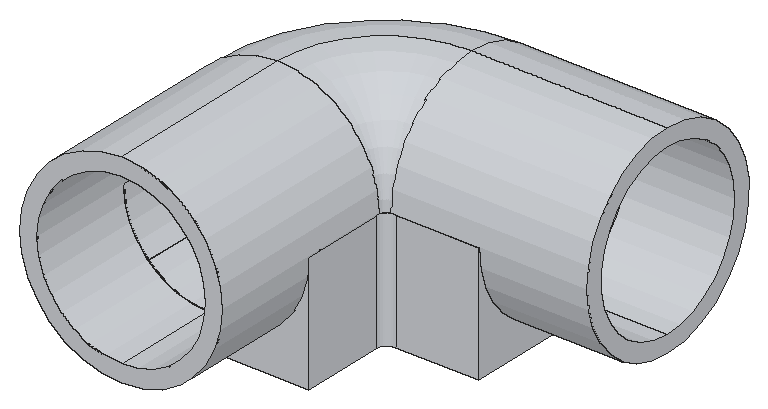
Revit family "IE2B", category Generic Models, Revit 2017
Family settings
  Can host rebar = No
  Round Connector Dimension = Use Diameter
  Part Type = Normal
  Work Plane-Based = Yes
  Always vertical = No
  Cut with Voids When Loaded = No
  Shared = No
  Room Calculation Point = No
Parameters (values of type "NBS Standard Parameters")
  Weight = "0.1945Kg"
  WarrantyStartDate [instance] = "1900-12-31T23:59:59"
  WarrantyGuarantorParts = "n/a"
  WarrantyGuarantorLabor = "n/a"
  WarrantyDurationUnit = "1 year"
  WarrantyDurationParts = "n/a"
  WarrantyDurationLabor = "n/a"
  WarrantyDescription = "n/a"
  Version = "1"
  Uniclass2 = "Pr_65_70_11_20"
  TagNumber [instance] = "n/a"
  SustainabilityPerformance = "n/a"
  Size = "25mm"
  Shape = "n/a"
  SerialNumber [instance] = "n/a"
  Revision = "n/a"
  ReplacementCost = "n/a"
  ProductInformation = "www.metpro.co.uk/pdf/ie2g.pdf"
  NominalWidth = 60 mm
  NominalLength = 60 mm
  NominalHeight = 32 mm
  Name = ""
  NBSTypeID = ""
  NBSReference = "90-55-10/460"
  NBSOfficeMasterTag = ""
  NBSNote = ""
  NBSDescription = "Conduit Fittings"
  NBSCertification = ""
  ModelReference = "IE2B"
  ModelNumber = "n/a"
  Material = "Malleable Iron"
  ManufacturerURL = "www.metpro.co.uk"
  ManufacturerName = "Metpro Ltd"
  Keynote = "Compliant to LU Standard 1-085"
  InstallationDate [instance] = "1900-12-31T23:59:59"
  IfcExportType = ""
  IfcExportAs = ""
  Grade = "n/a"
  Finish = "Black"
  Features = "n/a"
  ExpectedLife = "n/a"
  DurationUnit = "year"
  Description = "IE2B  25mm Conduit Inspection Elbow"
  Default Elevation = 1219.2 mm
  Constituents = "n/a"
  Color = "n/a"
  CodePerformance = "n/a"
  Category = "n/a"
  BarCode [instance] = "n/a"
  BIMObjectName = "Metpro_Metprolibrary_Conduitfittings_Metalcomppnents_Steelaccessories"
  Author = "Metpro Ltd"
  AssetType = ""
  AssetIdentifier [instance] = "n/a"
  AccessibilityPerformance = "n/a"
Reference planes
  plane 1 "Center (Front/Back)": y = 0
  plane 2: z = 0
  plane 3 "Center (Left/Right)": x = 0
Forms (mm)
  Sweep 1, solid
    path origin (-62.284, 233.575, 57.694) x (0, -1, 0) y (1, 0, 0)
      loop
        line (10.728, 17.245) -> (10.728, -11.755)
        arc (10.728, -11.755) -> (15.414, -23.069) -> (26.728, -27.755) r 16
        line (26.728, -27.755) -> (55.728, -27.755)
    profile origin (-59.539, 222.848, 57.694) x (0, -1, 0) y (0, 0, 1)
      loop
        circle (0, 0) r 12.5
      loop
        circle (0, 0) r 15
  Extrusion 2, solid
    sketch origin (-62.284, 233.575, 57.694) x (0, -1, 0) y (1, 0, 0)
      loop
        line (-4.272, 1.245) -> (-4.272, -12.755)
        arc (-4.272, -12.755) -> (4.514, -33.968) -> (25.728, -42.755) r 30
        line (25.728, -42.755) -> (39.728, -42.755) -> (39.728, -12.755) -> (27.338, -12.755)
        arc (27.338, -12.755) -> (26.199, -12.283) -> (25.728, -11.144) r 1.611
        line (25.728, -11.144) -> (25.728, 1.245) -> (-4.272, 1.245)
    from 0 to -17.612
  Sweep 3, void
    path origin (-62.284, 233.575, 57.694) x (0, -1, 0) y (1, 0, 0)
      loop
        line (55.728, -27.755) -> (26.728, -27.755)
        arc (26.728, -27.755) -> (15.414, -23.069) -> (10.728, -11.755) r 16
        line (10.728, -11.755) -> (10.728, 19.691)
    profile origin (-90.039, 192.348, 57.694) x (-1, 0, 0) y (0, 0, 1)
      loop
        circle (0, 0) r 12.5
Cuts and joins
  Sweep 3 cuts Extrusion 2
Dimensions and locks
  aligned and locked: level to plane 2
